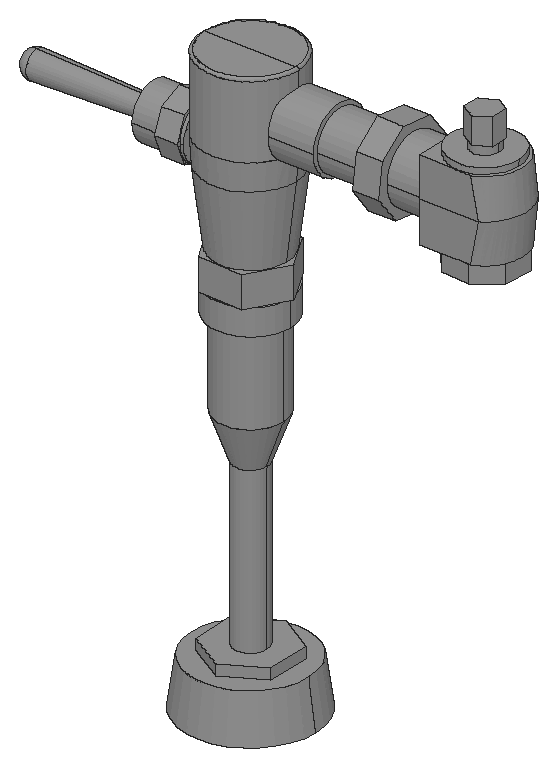
Revit family "FLUXOR UR PUBLIC", category Plumbing Fixtures, Revit 2019
Family settings
  Round Connector Dimension = Use Diameter
  Part Type = Normal
  OmniClass Number = 23.45.00.00
  OmniClass Title = Sanitary, Laundry, and Cleaning Equipment
  Work Plane-Based = No
  Always vertical = Yes
  Cut with Voids When Loaded = No
  Shared = No
  Room Calculation Point = No
Reference planes
  plane 1 "Center (Front/Back)": y = 0
  plane 2: z = 0
  plane 3 "Center (Left/Right)": x = 0
Forms (mm)
  Blend 1, solid
    base sketch origin (0, 0, 0) x (1, 0, 0) y (0, 1, 0)
      loop
        circle (0, 0) r 37.5
    top sketch origin (0, 0, 0) x (1, 0, 0) y (0, 1, 0)
      loop
        circle (0, 0) r 33.5
    from 0 to 27
  Extrusion 2, solid
    sketch origin (0, 0, 0) x (1, 0, 0) y (0, 1, 0)
      loop
        line (21.651, 12.5) -> (0, 25) -> (-21.651, 12.5) -> (-21.651, -12.5) -> (0, -25) -> (21.651, -12.5) -> (21.651, 12.5)
    from 27 to 33
  Extrusion 3, solid
    sketch origin (0, 0, 0) x (1, 0, 0) y (0, 1, 0)
      loop
        circle (0, 0) r 9.5
    from 33 to 218
  Extrusion 4, solid
    sketch origin (0, 0, 0) x (1, 0, 0) y (0, 1, 0)
      loop
        line (12.5, 21.651) -> (-12.5, 21.651) -> (-25, 0) -> (-12.5, -21.651) -> (12.5, -21.651) -> (25, 0) -> (12.5, 21.651)
    from 218 to 236
  Revolve 5, solid
    sketch origin (0, 0, 0) x (1, 0, 0) y (0, 0, 1)
      loop
        line (0, 236) -> (21, 236) -> (26.501, 279.161)
        arc (26.501, 279.161) -> (27.25, 287.016) -> (27.5, 294.902) r 124.501
        line (27.5, 294.902) -> (27.5, 336.474)
        arc (27.5, 336.474) -> (27.053, 337.553) -> (25.974, 338) r 1.526
        line (25.974, 338) -> (0, 338) -> (0, 236)
      axis (0, 236) -> (0, 338)
    angle from 0 to 360
  Extrusion 6, solid
    sketch origin (0, 0, 0) x (0, 1, 0) y (0, 0, 1)
      loop
        line (-12.728, 299.728) -> (-18, 287) -> (-12.728, 274.272) -> (0, 269) -> (12.728, 274.272) -> (18, 287) -> (12.728, 299.728) -> (0, 305) -> (-12.728, 299.728)
    from -40.5 to -27.508
  Extrusion 7, solid
    sketch origin (0, 0, 0) x (0, 1, 0) y (0, 0, 1)
      loop
        circle (0, 287) r 15.5
    from -55.5 to -40.5
  Revolve 8, solid
    sketch origin (-55, 0, 0) x (0, 1, 0) y (0, 0, 1)
      loop
        line (0, 287) -> (0, 293.813)
        arc (0, 293.813) -> (-6.813, 287) -> (0, 280.187) r 6.813
        line (0, 280.187) -> (0, 287)
      axis (0, 280.187) -> (0, 293.813)
    angle from 0 to 360
  Revolve 9, solid
    sketch origin (-5, 0, 0) x (1, 0, 0) y (0, 0, 1)
      loop
        line (-54.109, 287) -> (-54.109, 292.957) -> (-117.392, 294.904)
        arc (-117.392, 294.904) -> (-122.43, 292.953) -> (-124.536, 287.977) r 6.93
        line (-124.536, 287.977) -> (-124.536, 287) -> (-54.109, 287)
      axis (-54.109, 287) -> (-124.536, 287)
    angle from 0 to 360
  Extrusion 10, solid
    sketch origin (0, 0, 0) x (0, 1, 0) y (0, 0, 1)
      loop
        circle (0, 309.42) r 18.5
    from 25 to 51
  Extrusion 11, solid
    sketch origin (0, 0, 0) x (0, 1, 0) y (0, 0, 1)
      loop
        circle (0, 309.42) r 16.5
    from 51 to 78
  Extrusion 12, solid
    sketch origin (0, 0, 0) x (0, 1, 0) y (0, 0, 1)
      loop
        line (12.5, 331.07) -> (-6.47, 333.568) -> (-21.651, 321.92) -> (-24.148, 302.949) -> (-12.5, 287.769) -> (6.47, 285.272) -> (21.651, 296.92) -> (24.148, 315.89) -> (12.5, 331.07)
    from 78 to 93
  Extrusion 13, solid
    sketch origin (0, 0, 0) x (0, 1, 0) y (0, 0, 1)
      loop
        circle (0, 309.42) r 19
    from 93 to 113
  Blend 14, solid
    base sketch origin (0, 0, 0) x (1, 0, 0) y (0, 1, 0)
      loop
        line (113, 0) -> (113, -20) -> (142.39, -20)
        arc (142.39, -20) -> (156, 0) -> (142.39, 20) r 21.5
        line (142.39, 20) -> (113, 20) -> (113, 0)
    top sketch origin (0, 0, 0) x (1, 0, 0) y (0, 1, 0)
      loop
        line (113, 20) -> (113, -20) -> (146.839, -20)
        arc (146.839, -20) -> (158, 0) -> (146.839, 20) r 23.5
        line (146.839, 20) -> (113, 20)
    from 285.92 to 309.42
  Blend 15, solid
    base sketch origin (0, 0, 0) x (1, 0, 0) y (0, 1, 0)
      loop
        line (113, 20) -> (113, -20) -> (146.839, -20)
        arc (146.839, -20) -> (158, 0) -> (146.839, 20) r 23.5
        line (146.839, 20) -> (113, 20)
    top sketch origin (0, 0, 0) x (1, 0, 0) y (0, 1, 0)
      loop
        line (113, 20) -> (113, -20) -> (142.39, -20)
        arc (142.39, -20) -> (156, 0) -> (142.39, 20) r 21.5
        line (142.39, 20) -> (113, 20)
    from 309.42 to 331.692
  Extrusion 16, solid
    sketch origin (0, 0, 0) x (1, 0, 0) y (0, 1, 0)
      loop
        circle (134.5, 0) r 19.5
    from 331.692 to 335
  Extrusion 17, solid
    sketch origin (0, 0, 0) x (1, 0, 0) y (0, 1, 0)
      loop
        circle (134.5, 0) r 8
    from 335 to 340
  Extrusion 18, solid
    sketch origin (0, 0, 0) x (1, 0, 0) y (0, 1, 0)
      loop
        line (134.5, 9.5) -> (126.273, 4.75) -> (126.273, -4.75) -> (134.5, -9.5) -> (142.727, -4.75) -> (142.727, 4.75) -> (134.5, 9.5)
    from 340 to 355
  Extrusion 19, solid
    sketch origin (0, 0, 0) x (1, 0, 0) y (0, 1, 0)
      loop
        line (115.625, 9.996) -> (114.181, -6.51) -> (124.831, -19.202) -> (141.337, -20.646) -> (154.029, -9.996) -> (155.473, 6.51) -> (144.823, 19.202) -> (128.317, 20.646) -> (115.625, 9.996)
    from 275.9 to 285.92
  Extrusion 20, solid
    sketch origin (0, 0, 0) x (0, 1, 0) y (0, 0, 1)
      loop
        circle (0, 287) r 16.63
    from -27.508 to -25
  Revolve 21, solid
    sketch origin (0, 0, 0) x (1, 0, 0) y (0, 0, 1)
      loop
        line (0, 218) -> (0, 124.809) -> (8.739, 124.809) -> (19, 153) -> (19, 203) -> (23.05, 203) -> (23.05, 218) -> (0, 218)
      axis (0, 124.809) -> (0, 218)
    angle from 0 to 360
Cuts and joins
  joined: Extrusion 3, Revolve 21
  joined: Revolve 5, Extrusion 10
Lines and regions (mm)
  reference lines
    curve 1: line (0, -19, 309.42) -> (0, 18.5, 309.42)
Dimensions and locks
  aligned and locked: level to plane 2
